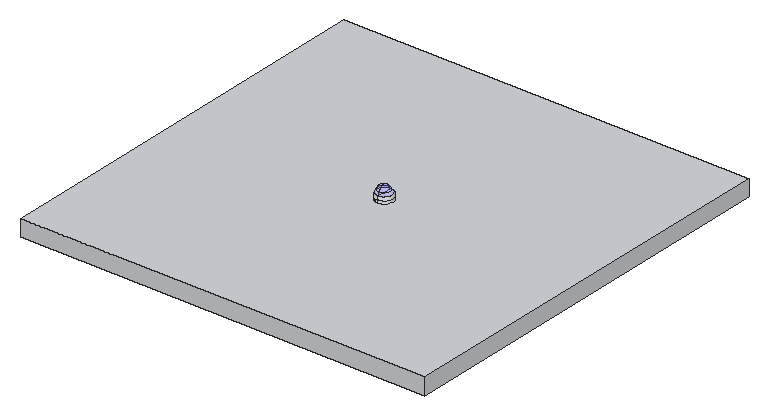
Revit family "BEG-92271", category Dispositifs d'éclairage, Revit 2015
Parameters
  Detection zone [instance] = yes
  Seat area [instance] = height position < 351 cm  # yes
  URL = "http://www.luxomat.com/en-92271"
  Type of output = "DIM (50 ballasts max)"
  Ambiant temperature = "-25°C to +50°C"
  Ref = "92271"
  Relay = "10A"
  height position [instance] = 250 cm
  direct Range [instance] = height position * 3.2  # 800 cm
  transversal Range [instance] = height position * 9.6  # 2400 cm
  Modèle = "PD4-M-DUO-DIM-SM"
  Installation type = "Ceiling"
  Brand = "LUXOMAT"
  Image du type = 92271.jpg
  IP = "54"
  Mounting height max = Installation height max  # 350 cm
  Installation height max = 350 cm
  Fabricant = "B.E.G"
  Label [instance] = yes
  Default Elevation = 0 cm
  Consumption = "0,45W"
  Commentaires du type = "Occupancy detector PD4-M-DUO-DIM-SM"
  Code d'assemblage = "D5010200"
  Class = "2"
  Switching power LED = "300W"
  Switching power Cos ɸ =1 = "2300W"
  Switching power Cos ɸ =0,5 = "1150VA"
  Power voltage = "110-240 V AC"
  seated activity [instance] = height position * 2.56  # 640 cm
Reference planes (cm)
  plane 1 "Centre (avant/arrière)": y = 0
  plane 2: z = 0
  plane 3 "Centre (gauche/droite)": x = 0
Forms (cm)
  Extrusion 1, solid
    sketch origin (0, 0, 0) x (1, 0, 0) y (0, 1, 0)
      loop
        line (-121.92, 121.92) -> (-121.92, -121.92) -> (121.92, -121.92) -> (121.92, 121.92) -> (-121.92, 121.92)
    from 0 to -10
Dimensions and locks (cm)
  aligned and locked: plane 2 to Extrusion 1
  aligned and locked: level to Extrusion 1
  aligned and locked: nested 2 to plane 2
Nested families (cm)
  nested 1: "Famille1" at (0, -72.6659, 0) x (-1, 0, 0) z (0, 0, 1), reference <- "Ref", modele <- "Modèle", visible <- "Label", type "Famille1"
    with reference "92271", modele "PD4-M-DUO-DIM-SM"
  nested 2: "M11" at (0, 0, 0), type "Standard"
  nested 3: "zone H" at (0, 0, 0) x (-1, 0, 0) z (0, 0, 1), visible <- "Detection zone", biais <- "transversal Range", frontal <- "direct Range", activité assise <- "seated activity", Zone assise <- "Seat area", type "zone H"
    with position 2 320 cm, position 1 960 cm, frontal 800 cm, biais 2400 cm, activité assise 640 cm, Zone assise yes
  nested 4: "Plafond 360° 2D" at (0, 0, 0), type "Plafond 360° 2D"
Connectors (cm)
  electrical at (0, 0, 0)
    settings: on nested 2, index 1, voltage 240 V, apparent load 0 VA, apparent load phase1 0 VA, apparent load phase2 0 VA, apparent load phase3 0 VA, power factor 1, load classification "Eclairage", number of poles 1, system type 31, power factor state 1, is connector primary yes, connector utility no, sub classification motor no, connector description ""
Definition of nested family "M11"
  Reference planes (cm)
    plane 1 "Centre (avant/arrière)": y = 0
    plane 2: z = 0
    plane 3 "Centre (gauche/droite)": x = 0
    plane 4: x = 0
  Forms (cm)
    Revolve 1, solid
      sketch origin (0, 0, 0) x (0, -1, 0) y (0, 0, 1)
        loop
          line (0, 0) -> (0, 3.3) -> (-4.725, 3.3) -> (-4.9, 1.3) -> (-5.05, 1.3) -> (-5.05, 0) -> (0, 0)
        axis (0, 0) -> (0, 3.3)
      angle from 0 to 360
    Revolve 2, solid
      sketch origin (0, 0, 0) x (0, -1, 0) y (0, 0, 1)
        loop
          line (-4.725, 3.3) -> (0, 3.3) -> (0, 7.6)
          arc (0, 7.6) -> (-2.3004, 6.854) -> (-3.7252, 4.9) r 3.9199
          line (-3.7252, 4.9) -> (-4.725, 3.3)
        axis (0, 3.3) -> (0, 7.6)
      angle from 0 to 360
  Lines and regions (cm)
    reference lines
      curve 1: line (0, 0, 0) -> (0, 5.05, 0)
      curve 2: line (0, 5.05, 0) -> (0, 5.05, 1.3)
      curve 3: line (0, 5.05, 1.3) -> (0, 4.9, 1.3)
      curve 4: line (0, 4.9, 1.3) -> (0, 4.725, 3.3)
      curve 5: line (0, 4.725, 3.3) -> (0, 0, 3.3)
      curve 6: line (0, 0, 3.3) -> (0, 0, 0)
      curve 7: line (0, 0, 0) -> (0, 0, 7.6)
      curve 8: line (0, 4.725, 3.3) -> (0, 0, 3.3)
      curve 9: line (0, 0, 7.6) -> (0, 0, 3.3)
      curve 10: arc (0, 0, 7.6) -> (0, 2.3004, 6.854) -> (0, 3.7252, 4.9) r 3.9199
      curve 11: line (0, 4.725, 3.3) -> (0, 3.7252, 4.9)
      curve 12: line (0, 0, 0) -> (0, 0, 7.6)
  Dimensions and locks (cm)
    aligned and locked: level to plane 2
    aligned and locked: Revolve 1 sketch curve to curve 1
    aligned and locked: Revolve 1 sketch curve to curve 2
    aligned and locked: Revolve 1 sketch curve to curve 3
    aligned and locked: Revolve 1 sketch curve to curve 4
    aligned and locked: Revolve 1 sketch curve to curve 5
    aligned and locked: Revolve 1 sketch curve to curve 6
    aligned and locked: Revolve 1 sketch curve to curve 7
    aligned and locked: Revolve 2 sketch curve to curve 8
    aligned and locked: Revolve 2 sketch curve to curve 9
    aligned and locked: Revolve 2 sketch curve to curve 10
    aligned and locked: Revolve 2 sketch curve to curve 11
    aligned and locked: Revolve 2 sketch curve to curve 12
Definition of nested family "Famille1"
  Parameters (values of type "Famille1")
    reference [instance] = ""
    modele [instance] = ""
  Reference planes (cm)
    plane 1: y = 0
    plane 2: x = 0
  Text (cm)
    label "reference\n\nmodele" at (0.0074, 0.0451, 0), shows "reference", "modele"
Definition of nested family "zone H"
  Parameters (values of type "zone H")
    position 2 [instance] = (frontal / 2) * 0.8  # 320 cm
    position 1 [instance] = (biais / 2) * 0.8  # 960 cm
    frontal [instance] = 800 cm
    biais [instance] = 2400 cm
    activité assise [instance] = 640 cm
    Zone assise [instance] = yes
  Reference planes (cm)
    plane 1 "Centre (avant/arrière)": y = 0
    plane 2: z = 0
    plane 3 "Centre (gauche/droite)": x = 0
    plane 4: x = -960
    plane 5: y = -320
  Lines and regions (cm)
    detail lines, in view "Niveau de réf.", visible <- "Zone assise"
      curve 1: circle (0, 0, 0) r 320 normal (0, 0, 1)
      curve 4: spline (-105.2767, 3.2118, 0) -> (-104.9106, 3.0586, 0) -> (-103.8375, 2.9158, 0) -> (-102.1303, 2.7932, 0) -> (-99.9055, 2.6991, 0) -> (-97.3146, 2.6399, 0) -> (-94.5343, 2.6198, 0) -> (-91.7539, 2.6399, 0) -> (-89.163, 2.6991, 0) -> (-86.9382, 2.7932, 0) -> (-85.231, 2.9158, 0) -> (-84.1579, 3.0586, 0) -> (-83.7918, 3.2118, 0) -> (-84.1579, 3.365, 0) -> (-85.231, 3.5078, 0) -> (-86.9382, 3.6305, 0) -> (-89.163, 3.7245, 0) -> (-91.7539, 3.7837, 0) -> (-94.5343, 3.8039, 0) -> (-97.3146, 3.7837, 0) -> (-99.9055, 3.7245, 0) -> (-102.1303, 3.6305, 0) -> (-103.8375, 3.5078, 0) -> (-104.9106, 3.365, 0) -> (-105.2767, 3.2118, 0)
      curve 5: line (-105.2767, 3.2118, 0) -> (-103.7271, 3.5181, 0)
      curve 6: arc (-102.6495, -16.5888, 0) -> (-107.2915, -17.186, 0) -> (-111.6311, -18.9388, 0) r 18.3388
      curve 7: arc (-111.6311, -18.9388, 0) -> (-111.6982, -19.0046, 0) -> (-111.7229, -19.0953, 0) r 0.1799
      curve 8: arc (-102.4571, -17.1805, 0) -> (-106.7473, -17.5804, 0) -> (-110.8538, -18.8852, 0) r 20.1051
      curve 9: arc (-110.8538, -18.8852, 0) -> (-111.0396, -18.979, 0) -> (-111.2122, -19.0953, 0) r 1.6679
      curve 10: circle (-111.4676, -19.8292, 0) r 0.5096 normal (0, 0, 1)
      curve 11: arc (-110.898, -19.8292, 0) -> (-111.4676, -19.2597, 0) -> (-112.0372, -19.8292, 0) r 0.5696
      curve 12: arc (-110.838, -19.8292, 0) -> (-111.4676, -19.1997, 0) -> (-112.0972, -19.8292, 0) r 0.6296
      curve 13: arc (-86.4191, -16.5888, 0) -> (-81.7771, -17.186, 0) -> (-77.4374, -18.9388, 0) r 18.3388
      curve 14: arc (-77.4374, -18.9388, 0) -> (-77.3704, -19.0046, 0) -> (-77.3456, -19.0953, 0) r 0.1799
      curve 15: arc (-86.6114, -17.1805, 0) -> (-82.3212, -17.5804, 0) -> (-78.2147, -18.8852, 0) r 20.1051
      curve 16: arc (-78.2147, -18.8852, 0) -> (-78.0289, -18.979, 0) -> (-77.8563, -19.0953, 0) r 1.6679
      curve 17: circle (-77.6009, -19.8292, 0) r 0.5096 normal (0, 0, 1)
      curve 18: arc (-77.0314, -19.8292, 0) -> (-77.6009, -19.2597, 0) -> (-78.1705, -19.8292, 0) r 0.5696
      curve 19: arc (-76.9714, -19.8292, 0) -> (-77.6009, -19.1997, 0) -> (-78.2305, -19.8292, 0) r 0.6296
      curve 20: arc (-95.2593, -16.5888, 0) -> (-98.9871, -17.441, 0) -> (-102.5056, -18.9388, 0) r 21.5424
      curve 21: arc (-102.5056, -18.9388, 0) -> (-102.5726, -19.0046, 0) -> (-102.5974, -19.0953, 0) r 0.1799
      curve 22: arc (-95.2593, -17.1805, 0) -> (-98.5536, -17.8061, 0) -> (-101.7283, -18.8852, 0) r 23.9713
      curve 23: arc (-101.7283, -18.8852, 0) -> (-101.911, -18.9772, 0) -> (-102.081, -19.0909, 0) r 1.6679
      curve 24: arc (-95.0229, -17.1805, 0) -> (-98.2689, -17.8294, 0) -> (-101.4063, -18.8852, 0) r 26.0219
      curve 25: arc (-101.4063, -18.8852, 0) -> (-101.592, -18.979, 0) -> (-101.7647, -19.0953, 0) r 1.6679
      curve 26: circle (-102.181, -19.8292, 0) r 0.5096 normal (0, 0, 1)
      curve 27: arc (-101.6114, -19.8292, 0) -> (-102.181, -19.2597, 0) -> (-102.7506, -19.8292, 0) r 0.5696
      curve 28: arc (-101.5514, -19.8292, 0) -> (-102.181, -19.1997, 0) -> (-102.8106, -19.8292, 0) r 0.6296
      curve 29: arc (-93.8092, -16.5888, 0) -> (-90.0814, -17.441, 0) -> (-86.5629, -18.9388, 0) r 21.5424
      curve 30: arc (-86.5629, -18.9388, 0) -> (-86.4959, -19.0046, 0) -> (-86.4711, -19.0953, 0) r 0.1799
      curve 31: arc (-93.8092, -17.1805, 0) -> (-90.5149, -17.8061, 0) -> (-87.3402, -18.8852, 0) r 23.9713
      curve 32: arc (-87.3402, -18.8852, 0) -> (-87.1544, -18.979, 0) -> (-86.9818, -19.0953, 0) r 1.6679
      curve 33: arc (-94.0457, -17.1805, 0) -> (-90.7996, -17.8294, 0) -> (-87.6622, -18.8852, 0) r 26.0219
      curve 34: arc (-87.6622, -18.8852, 0) -> (-87.4765, -18.979, 0) -> (-87.3039, -19.0953, 0) r 1.6679
      curve 35: circle (-86.8875, -19.8292, 0) r 0.5096 normal (0, 0, 1)
      curve 36: arc (-86.3179, -19.8292, 0) -> (-86.8875, -19.2597, 0) -> (-87.4571, -19.8292, 0) r 0.5696
      curve 37: arc (-86.2579, -19.8292, 0) -> (-86.8875, -19.1997, 0) -> (-87.5171, -19.8292, 0) r 0.6296
      curve 38: arc (-103.0079, 8.8705, 0) -> (-101.8776, 5.8173, 0) -> (-98.8653, 4.5819, 0) r 4.0512
      curve 39: arc (-83.7186, 4.2269, 0) -> (-82.9538, 3.7817, 0) -> (-82.7946, 2.9112, 0) r 1.0582
      curve 40: arc (-82.7946, 2.9112, 0) -> (-84.0889, -6.227, 0) -> (-84.0703, -15.4564, 0) r 64.7189
      curve 41: arc (-84.0703, -15.4564, 0) -> (-83.933, -16.0031, 0) -> (-83.4527, -16.2981, 0) r 0.7467
      curve 42: arc (-83.4527, -16.2981, 0) -> (-80.3714, -16.8717, 0) -> (-77.238, -16.9405, 0) r 19.3577
      curve 43: arc (-77.238, -16.9405, 0) -> (-77.6363, -16.4391, 0) -> (-78.2461, -16.244, 0) r 1.1013
      curve 44: arc (-78.2461, -16.244, 0) -> (-80.4274, -15.8096, 0) -> (-82.5587, -15.1742, 0) r 23.8747
      curve 45: arc (-82.5587, -15.1742, 0) -> (-81.6045, -6.5488, 0) -> (-80.848, 2.0961, 0) r 379.1961
      curve 46: arc (-80.848, 2.0961, 0) -> (-81.0708, 4.8418, 0) -> (-83.0581, 6.7494, 0) r 3.8846
      curve 47: arc (-83.0581, 6.7494, 0) -> (-89.2141, 8.8147, 0) -> (-95.6542, 9.6431, 0) r 33.2193
      curve 48: arc (-95.6542, 9.6431, 0) -> (-94.8516, 17.305, 0) -> (-94.8609, 25.0089, 0) r 72.9952
      curve 49: arc (-95.1116, 28.28, 0) -> (-95.2196, 29.2958, 0) -> (-95.3418, 30.31, 0) r 72.9952
      curve 50: arc (-98.1747, 30.0752, 0) -> (-100.3426, 29.2913, 0) -> (-99.4886, 27.1501, 0) r 1.6042
      curve 51: arc (-95.3418, 30.31, 0) -> (-98.7298, 32.2574, 0) -> (-102.1179, 30.31, 0) r 3.9209
      curve 52: arc (-68.8418, 20.3177, 0) -> (-68.8537, 20.2265, 0) -> (-68.9411, 20.2549, 0) r 0.0597
      curve 53: arc (-70.9776, 20.5408, 0) -> (-70.9496, 20.3832, 0) -> (-71.1082, 20.3621, 0) r 0.1108
      curve 54: spline (-98.8908, 41.6409, 0) -> (-97.9793, 41.5103, 0) -> (-97.1229, 41.0855, 0) -> (-96.38, 40.3954, 0) -> (-95.8012, 39.4871, 0) -> (-95.426, 38.4224, 0) -> (-95.2799, 37.274, 0) -> (-95.3728, 36.12, 0) -> (-95.6985, 35.0392, 0) -> (-96.2348, 34.1051, 0) -> (-96.945, 33.3815, 0) -> (-97.7809, 32.9176, 0) -> (-98.6854, 32.7451, 0) -> (-99.5969, 32.8757, 0) -> (-100.4532, 33.3005, 0) -> (-101.1961, 33.9906, 0) -> (-101.7749, 34.8989, 0) -> (-102.1502, 35.9636, 0) -> (-102.2963, 37.112, 0) -> (-102.2033, 38.266, 0) -> (-101.8776, 39.3468, 0) -> (-101.3414, 40.2809, 0) -> (-100.6311, 41.0045, 0) -> (-99.7953, 41.4684, 0) -> (-98.8908, 41.6409, 0)
      curve 55: line (-74.1608, -20.3388, 0) -> (-33.3759, -20.3388, 0)
      curve 56: line (-33.3759, -20.3388, 0) -> (-33.3759, 18.6681, 0)
      curve 57: line (-33.3759, 18.6681, 0) -> (-74.1608, 18.6681, 0)
      curve 58: line (-74.1608, 18.6681, 0) -> (-74.1608, -20.3388, 0)
      curve 59: line (-74.1608, -20.3388, 0) -> (-120.7181, -20.3388, 0)
      curve 60: line (-80.1025, 18.6681, 0) -> (-27.4342, 18.6681, 0)
      curve 61: line (-27.4342, 18.6681, 0) -> (-27.4342, 20.1345, 0)
      curve 62: line (-27.4342, 20.1345, 0) -> (-80.1025, 20.1345, 0)
      curve 63: line (-80.1025, 20.1345, 0) -> (-80.1025, 18.6681, 0)
      curve 64: line (-95.5223, 2.6198, 0) -> (-93.5462, 2.6198, 0)
      curve 65: line (-93.5462, 2.6198, 0) -> (-93.5462, -16.5888, 0)
      curve 66: line (-93.5462, -16.5888, 0) -> (-95.5223, -16.5888, 0)
      curve 67: line (-95.5223, -16.5888, 0) -> (-95.5223, 2.6198, 0)
      curve 68: line (-95.5223, -16.5888, 0) -> (-102.6495, -16.5888, 0)
      curve 69: line (-111.7229, -19.0953, 0) -> (-111.2122, -19.0953, 0)
      curve 70: line (-93.8092, -16.5888, 0) -> (-94.0457, -17.1805, 0)
      curve 71: line (-94.0457, -17.1805, 0) -> (-93.8092, -17.1805, 0)
      curve 72: line (-93.8092, -17.1805, 0) -> (-94.5343, -17.1805, 0)
      curve 73: line (-94.5343, -17.1805, 0) -> (-95.2593, -17.1805, 0)
      curve 74: line (-95.2593, -17.1805, 0) -> (-95.0229, -17.1805, 0)
      curve 75: line (-95.0229, -17.1805, 0) -> (-95.2593, -16.5888, 0)
      curve 76: line (-98.1226, -17.1805, 0) -> (-102.4571, -17.1805, 0)
      curve 77: line (-112.0372, -19.8292, 0) -> (-112.0972, -19.8292, 0)
      curve 78: line (-110.898, -19.8292, 0) -> (-110.838, -19.8292, 0)
      curve 79: line (-111.3676, -19.2076, 0) -> (-111.3676, -19.0953, 0)
      curve 80: line (-111.5676, -19.2076, 0) -> (-111.5676, -19.0953, 0)
      curve 81: line (-93.5462, -16.5888, 0) -> (-86.4191, -16.5888, 0)
      curve 82: line (-77.3456, -19.0953, 0) -> (-77.8563, -19.0953, 0)
      curve 83: line (-90.9459, -17.1805, 0) -> (-86.6114, -17.1805, 0)
      curve 84: line (-77.0314, -19.8292, 0) -> (-76.9714, -19.8292, 0)
      curve 85: line (-78.1705, -19.8292, 0) -> (-78.2305, -19.8292, 0)
      curve 86: line (-77.7009, -19.2076, 0) -> (-77.7009, -19.0953, 0)
      curve 87: line (-77.5009, -19.2076, 0) -> (-77.5009, -19.0953, 0)
      curve 88: line (-102.5974, -19.0953, 0) -> (-101.7647, -19.0953, 0)
      curve 89: line (-102.7506, -19.8292, 0) -> (-102.8106, -19.8292, 0)
      curve 90: line (-101.6114, -19.8292, 0) -> (-101.5514, -19.8292, 0)
      curve 91: line (-102.081, -19.2076, 0) -> (-102.081, -19.0909, 0)
      curve 92: line (-102.281, -19.2076, 0) -> (-102.281, -19.0953, 0)
      curve 93: line (-86.4711, -19.0953, 0) -> (-87.3039, -19.0953, 0)
      curve 94: line (-86.3179, -19.8292, 0) -> (-86.2579, -19.8292, 0)
      curve 95: line (-87.4571, -19.8292, 0) -> (-87.5171, -19.8292, 0)
      curve 96: line (-86.9875, -19.2076, 0) -> (-86.9875, -19.0953, 0)
      curve 97: line (-86.7875, -19.2076, 0) -> (-86.7875, -19.0953, 0)
      curve 98: line (-98.8653, 4.5819, 0) -> (-83.7186, 4.2269, 0)
      curve 99: line (-103.0079, 8.8705, 0) -> (-102.1179, 30.31, 0)
      curve 100: line (-98.1747, 30.0752, 0) -> (-85.3255, 22.5448, 0)
      curve 101: line (-85.3255, 22.5448, 0) -> (-74.2929, 21.667, 0)
      curve 102: line (-74.2929, 21.667, 0) -> (-71.6033, 21.7219, 0)
      curve 103: line (-71.6033, 21.7219, 0) -> (-69.7371, 21.2829, 0)
      curve 104: line (-69.7371, 21.2829, 0) -> (-68.8418, 20.3177, 0)
      curve 105: line (-68.9411, 20.2549, 0) -> (-69.7808, 21.0896, 0)
      curve 106: line (-69.7808, 21.0896, 0) -> (-71.6115, 21.2989, 0)
      curve 107: line (-71.6115, 21.2989, 0) -> (-72.0159, 21.0248, 0)
      curve 108: line (-72.0159, 21.0248, 0) -> (-70.9776, 20.5408, 0)
      curve 109: line (-71.1082, 20.3621, 0) -> (-72.6656, 20.8949, 0)
      curve 110: line (-72.6656, 20.8949, 0) -> (-74.496, 20.6558, 0)
      curve 111: line (-74.496, 20.6558, 0) -> (-86.0144, 20.9158, 0)
      curve 112: line (-86.0144, 20.9158, 0) -> (-99.4886, 27.1501, 0)
      curve 113: line (-99.8644, 32.9741, 0) -> (-99.9944, 32.0479, 0)
      curve 114: line (-97.5142, 33.0301, 0) -> (-97.3718, 32.0147, 0)
      curve 115: line (-33.3759, -20.3388, 0) -> (-21.8014, -20.3388, 0)
    detail lines, in view "Niveau de réf."
      curve 2: circle (0, 0, 0) r 400 normal (0, 0, 1)
      curve 3: circle (0, 0, 0) r 1200 normal (0, 0, 1)
      curve 116: spline (2.3068, -347.7265, 0) -> (4.0856, -347.3949, 0) -> (5.7432, -346.4226, 0) -> (7.1667, -344.876, 0) -> (8.2589, -342.8603, 0) -> (8.9455, -340.5131, 0) -> (9.1797, -337.9942, 0) -> (8.9455, -335.4753, 0) -> (8.2589, -333.1281, 0) -> (7.1667, -331.1125, 0) -> (5.7432, -329.5658, 0) -> (4.0856, -328.5936, 0) -> (2.3068, -328.262, 0) -> (0.5279, -328.5936, 0) -> (-1.1297, -329.5658, 0) -> (-2.5531, -331.1125, 0) -> (-3.6453, -333.1281, 0) -> (-4.3319, -335.4753, 0) -> (-4.5661, -337.9942, 0) -> (-4.3319, -340.5131, 0) -> (-3.6453, -342.8603, 0) -> (-2.5531, -344.876, 0) -> (-1.1297, -346.4226, 0) -> (0.5279, -347.3949, 0) -> (2.3068, -347.7265, 0)
      curve 117: line (-4.7649, -335.0929, 0) -> (0.5136, -347.9212, 0)
      curve 118: line (3.5648, -348.0775, 0) -> (9.2455, -334.5266, 0)
      curve 119: line (-0.3759, -328.4588, 0) -> (-3.0011, -330.8806, 0)
      curve 120: line (3.5053, -348.5045, 0) -> (6.62, -348.3756, 0)
      curve 121: line (1.7304, -348.3525, 0) -> (3.5053, -348.5045, 0)
      curve 122: line (-4.7649, -335.0929, 0) -> (0.5136, -347.9212, 0)
      curve 123: line (-21.1936, -335.3894, 0) -> (-24.4202, -337.3623, 0)
      curve 124: line (-21.1936, -335.3894, 0) -> (-24.4202, -337.3623, 0)
      curve 125: line (-0.3759, -328.4588, 0) -> (-3.0011, -330.8806, 0)
      curve 126: line (1.7304, -348.3525, 0) -> (6.62, -348.3756, 0)
      curve 127: line (3.5648, -348.0775, 0) -> (9.2455, -334.5266, 0)
      curve 128: line (0, -320, 0) -> (0, -289.0788, 0)
      curve 129: line (0, -289.0788, 0) -> (0, -280.7814, 0)
      curve 130: spline (-957.6932, -27.7265, 0) -> (-955.9144, -27.3949, 0) -> (-954.2568, -26.4226, 0) -> (-952.8333, -24.876, 0) -> (-951.7411, -22.8603, 0) -> (-951.0545, -20.5131, 0) -> (-950.8203, -17.9942, 0) -> (-951.0545, -15.4753, 0) -> (-951.7411, -13.1281, 0) -> (-952.8333, -11.1125, 0) -> (-954.2568, -9.5658, 0) -> (-955.9144, -8.5936, 0) -> (-957.6932, -8.262, 0) -> (-959.4721, -8.5936, 0) -> (-961.1297, -9.5658, 0) -> (-962.5531, -11.1125, 0) -> (-963.6453, -13.1281, 0) -> (-964.3319, -15.4753, 0) -> (-964.5661, -17.9942, 0) -> (-964.3319, -20.5131, 0) -> (-963.6453, -22.8603, 0) -> (-962.5531, -24.876, 0) -> (-961.1297, -26.4226, 0) -> (-959.4721, -27.3949, 0) -> (-957.6932, -27.7265, 0)
      curve 131: line (-964.7649, -15.0929, 0) -> (-959.4864, -27.9212, 0)
      curve 132: line (-956.4352, -28.0775, 0) -> (-950.7545, -14.5266, 0)
      curve 133: line (-960.3759, -8.4588, 0) -> (-963.0011, -10.8806, 0)
      curve 134: line (-956.4947, -28.5045, 0) -> (-953.38, -28.3756, 0)
      curve 135: line (-958.2696, -28.3525, 0) -> (-956.4947, -28.5045, 0)
      curve 136: line (-964.7649, -15.0929, 0) -> (-959.4864, -27.9212, 0)
      curve 137: line (-981.1936, -15.3894, 0) -> (-984.4202, -17.3623, 0)
      curve 138: line (-981.1936, -15.3894, 0) -> (-984.4202, -17.3623, 0)
      curve 139: line (-960.3759, -8.4588, 0) -> (-963.0011, -10.8806, 0)
      curve 140: line (-958.2696, -28.3525, 0) -> (-953.38, -28.3756, 0)
      curve 141: line (-956.4352, -28.0775, 0) -> (-950.7545, -14.5266, 0)
      curve 142: line (-960, 0, 0) -> (-960, 30.9212, 0)
      curve 143: line (-960, 30.9212, 0) -> (-960, 39.2186, 0)
    detail lines, in view "Niveau de réf.", visible <- "Zone assise", not visible
      curve 144: spline (925.976, -22.5654, 0) -> (926.342, -22.7186, 0) -> (927.4152, -22.8614, 0) -> (929.1224, -22.984, 0) -> (931.3472, -23.0781, 0) -> (933.938, -23.1373, 0) -> (936.7184, -23.1574, 0) -> (939.4987, -23.1373, 0) -> (942.0896, -23.0781, 0) -> (944.3144, -22.984, 0) -> (946.0216, -22.8614, 0) -> (947.0948, -22.7186, 0) -> (947.4608, -22.5654, 0) -> (947.0948, -22.4122, 0) -> (946.0216, -22.2694, 0) -> (944.3144, -22.1467, 0) -> (942.0896, -22.0527, 0) -> (939.4987, -21.9935, 0) -> (936.7184, -21.9733, 0) -> (933.938, -21.9935, 0) -> (931.3472, -22.0527, 0) -> (929.1224, -22.1467, 0) -> (927.4152, -22.2694, 0) -> (926.342, -22.4122, 0) -> (925.976, -22.5654, 0)
      curve 145: line (925.976, -22.5654, 0) -> (927.5256, -22.2591, 0)
      curve 146: arc (928.6032, -42.366, 0) -> (923.9612, -42.9632, 0) -> (919.6215, -44.716, 0) r 18.3388
      curve 147: arc (919.6215, -44.716, 0) -> (919.5545, -44.7818, 0) -> (919.5297, -44.8725, 0) r 0.1799
      curve 148: arc (928.7956, -42.9577, 0) -> (924.5053, -43.3576, 0) -> (920.3988, -44.6624, 0) r 20.1051
      curve 149: arc (920.3988, -44.6624, 0) -> (920.213, -44.7562, 0) -> (920.0404, -44.8725, 0) r 1.6679
      curve 150: circle (919.7851, -45.6065, 0) r 0.5096 normal (0, 0, 1)
      curve 151: arc (920.3547, -45.6065, 0) -> (919.7851, -45.0369, 0) -> (919.2155, -45.6065, 0) r 0.5696
      curve 152: arc (920.4147, -45.6065, 0) -> (919.7851, -44.9769, 0) -> (919.1555, -45.6065, 0) r 0.6296
      curve 153: arc (944.8336, -42.366, 0) -> (949.4756, -42.9632, 0) -> (953.8152, -44.716, 0) r 18.3388
      curve 154: arc (953.8152, -44.716, 0) -> (953.8823, -44.7818, 0) -> (953.907, -44.8725, 0) r 0.1799
      curve 155: arc (944.6412, -42.9577, 0) -> (948.9315, -43.3576, 0) -> (953.038, -44.6624, 0) r 20.1051
      curve 156: arc (953.038, -44.6624, 0) -> (953.2237, -44.7562, 0) -> (953.3964, -44.8725, 0) r 1.6679
      curve 157: circle (953.6517, -45.6065, 0) r 0.5096 normal (0, 0, 1)
      curve 158: arc (954.2213, -45.6065, 0) -> (953.6517, -45.0369, 0) -> (953.0821, -45.6065, 0) r 0.5696
      curve 159: arc (954.2813, -45.6065, 0) -> (953.6517, -44.9769, 0) -> (953.0221, -45.6065, 0) r 0.6296
      curve 160: arc (935.9933, -42.366, 0) -> (932.2655, -43.2182, 0) -> (928.7471, -44.716, 0) r 21.5424
      curve 161: arc (928.7471, -44.716, 0) -> (928.68, -44.7818, 0) -> (928.6553, -44.8725, 0) r 0.1799
      curve 162: arc (935.9933, -42.9577, 0) -> (932.6991, -43.5833, 0) -> (929.5243, -44.6624, 0) r 23.9713
      curve 163: arc (929.5243, -44.6624, 0) -> (929.3417, -44.7544, 0) -> (929.1716, -44.8681, 0) r 1.6679
      curve 164: arc (936.2298, -42.9577, 0) -> (932.9838, -43.6066, 0) -> (929.8464, -44.6624, 0) r 26.0219
      curve 165: arc (929.8464, -44.6624, 0) -> (929.6606, -44.7562, 0) -> (929.488, -44.8725, 0) r 1.6679
      curve 166: circle (929.0716, -45.6065, 0) r 0.5096 normal (0, 0, 1)
      curve 167: arc (929.6412, -45.6065, 0) -> (929.0716, -45.0369, 0) -> (928.502, -45.6065, 0) r 0.5696
      curve 168: arc (929.7012, -45.6065, 0) -> (929.0716, -44.9769, 0) -> (928.442, -45.6065, 0) r 0.6296
      curve 169: arc (937.4435, -42.366, 0) -> (941.1713, -43.2182, 0) -> (944.6897, -44.716, 0) r 21.5424
      curve 170: arc (944.6897, -44.716, 0) -> (944.7568, -44.7818, 0) -> (944.7815, -44.8725, 0) r 0.1799
      curve 171: arc (937.4435, -42.9577, 0) -> (940.7377, -43.5833, 0) -> (943.9124, -44.6624, 0) r 23.9713
      curve 172: arc (943.9124, -44.6624, 0) -> (944.0982, -44.7562, 0) -> (944.2708, -44.8725, 0) r 1.6679
      curve 173: arc (937.207, -42.9577, 0) -> (940.453, -43.6066, 0) -> (943.5904, -44.6624, 0) r 26.0219
      curve 174: arc (943.5904, -44.6624, 0) -> (943.7762, -44.7562, 0) -> (943.9488, -44.8725, 0) r 1.6679
      curve 175: circle (944.3651, -45.6065, 0) r 0.5096 normal (0, 0, 1)
      curve 176: arc (944.9347, -45.6065, 0) -> (944.3651, -45.0369, 0) -> (943.7956, -45.6065, 0) r 0.5696
      curve 177: arc (944.9947, -45.6065, 0) -> (944.3651, -44.9769, 0) -> (943.7356, -45.6065, 0) r 0.6296
      curve 178: arc (928.2447, -16.9067, 0) -> (929.3751, -19.9599, 0) -> (932.3873, -21.1953, 0) r 4.0512
      curve 179: arc (947.5341, -21.5503, 0) -> (948.2989, -21.9955, 0) -> (948.4581, -22.866, 0) r 1.0582
      curve 180: arc (948.4581, -22.866, 0) -> (947.1637, -32.0042, 0) -> (947.1824, -41.2336, 0) r 64.7189
      curve 181: arc (947.1824, -41.2336, 0) -> (947.3196, -41.7803, 0) -> (947.8, -42.0753, 0) r 0.7467
      curve 182: arc (947.8, -42.0753, 0) -> (950.8812, -42.6489, 0) -> (954.0146, -42.7177, 0) r 19.3577
      curve 183: arc (954.0146, -42.7177, 0) -> (953.6164, -42.2163, 0) -> (953.0065, -42.0212, 0) r 1.1013
      curve 184: arc (953.0065, -42.0212, 0) -> (950.8253, -41.5868, 0) -> (948.6939, -40.9514, 0) r 23.8747
      curve 185: arc (948.6939, -40.9514, 0) -> (949.6481, -32.326, 0) -> (950.4047, -23.6811, 0) r 379.1961
      curve 186: arc (950.4047, -23.6811, 0) -> (950.1819, -20.9354, 0) -> (948.1945, -19.0278, 0) r 3.8846
      curve 187: arc (948.1945, -19.0278, 0) -> (942.0386, -16.9625, 0) -> (935.5985, -16.1341, 0) r 33.2193
      curve 188: arc (935.5985, -16.1341, 0) -> (936.4011, -8.4722, 0) -> (936.3918, -0.7683, 0) r 72.9952
      curve 189: arc (936.1411, 2.5028, 0) -> (936.0331, 3.5186, 0) -> (935.9108, 4.5328, 0) r 72.9952
      curve 190: arc (933.0779, 4.298, 0) -> (930.9101, 3.5141, 0) -> (931.7641, 1.3729, 0) r 1.6042
      curve 191: arc (935.9108, 4.5328, 0) -> (932.5228, 6.4802, 0) -> (929.1348, 4.5328, 0) r 3.9209
      curve 192: arc (962.4108, -5.4595, 0) -> (962.3989, -5.5507, 0) -> (962.3115, -5.5223, 0) r 0.0597
      curve 193: arc (960.275, -5.2364, 0) -> (960.303, -5.394, 0) -> (960.1444, -5.4151, 0) r 0.1108
      curve 194: spline (932.3619, 15.8637, 0) -> (933.2734, 15.7331, 0) -> (934.1297, 15.3083, 0) -> (934.8726, 14.6182, 0) -> (935.4514, 13.7099, 0) -> (935.8267, 12.6452, 0) -> (935.9728, 11.4968, 0) -> (935.8798, 10.3428, 0) -> (935.5541, 9.262, 0) -> (935.0179, 8.3279, 0) -> (934.3076, 7.6043, 0) -> (933.4718, 7.1404, 0) -> (932.5673, 6.9679, 0) -> (931.6558, 7.0985, 0) -> (930.7994, 7.5233, 0) -> (930.0565, 8.2134, 0) -> (929.4777, 9.1217, 0) -> (929.1025, 10.1864, 0) -> (928.9564, 11.3348, 0) -> (929.0493, 12.4888, 0) -> (929.375, 13.5696, 0) -> (929.9113, 14.5037, 0) -> (930.6215, 15.2273, 0) -> (931.4574, 15.6912, 0) -> (932.3619, 15.8637, 0)
      curve 195: line (957.0918, -46.116, 0) -> (997.8768, -46.116, 0)
      curve 196: line (997.8768, -46.116, 0) -> (997.8768, -7.1091, 0)
      curve 197: line (997.8768, -7.1091, 0) -> (957.0918, -7.1091, 0)
      curve 198: line (957.0918, -7.1091, 0) -> (957.0918, -46.116, 0)
      curve 199: line (957.0918, -46.116, 0) -> (910.5345, -46.116, 0)
      curve 200: line (951.1501, -7.1091, 0) -> (1003.8185, -7.1091, 0)
      curve 201: line (1003.8185, -7.1091, 0) -> (1003.8185, -5.6427, 0)
      curve 202: line (1003.8185, -5.6427, 0) -> (951.1501, -5.6427, 0)
      curve 203: line (951.1501, -5.6427, 0) -> (951.1501, -7.1091, 0)
      curve 204: line (935.7304, -23.1574, 0) -> (937.7064, -23.1574, 0)
      curve 205: line (937.7064, -23.1574, 0) -> (937.7064, -42.366, 0)
      curve 206: line (937.7064, -42.366, 0) -> (935.7304, -42.366, 0)
      curve 207: line (935.7304, -42.366, 0) -> (935.7304, -23.1574, 0)
      curve 208: line (935.7304, -42.366, 0) -> (928.6032, -42.366, 0)
      curve 209: line (919.5297, -44.8725, 0) -> (920.0404, -44.8725, 0)
      curve 210: line (937.4435, -42.366, 0) -> (937.207, -42.9577, 0)
      curve 211: line (937.207, -42.9577, 0) -> (937.4435, -42.9577, 0)
      curve 212: line (937.4435, -42.9577, 0) -> (936.7184, -42.9577, 0)
      curve 213: line (936.7184, -42.9577, 0) -> (935.9933, -42.9577, 0)
      curve 214: line (935.9933, -42.9577, 0) -> (936.2298, -42.9577, 0)
      curve 215: line (936.2298, -42.9577, 0) -> (935.9933, -42.366, 0)
      curve 216: line (933.13, -42.9577, 0) -> (928.7956, -42.9577, 0)
      curve 217: line (919.2155, -45.6065, 0) -> (919.1555, -45.6065, 0)
      curve 218: line (920.3547, -45.6065, 0) -> (920.4147, -45.6065, 0)
      curve 219: line (919.8851, -44.9848, 0) -> (919.8851, -44.8725, 0)
      curve 220: line (919.6851, -44.9848, 0) -> (919.6851, -44.8725, 0)
      curve 221: line (937.7064, -42.366, 0) -> (944.8336, -42.366, 0)
      curve 222: line (953.907, -44.8725, 0) -> (953.3964, -44.8725, 0)
      curve 223: line (940.3068, -42.9577, 0) -> (944.6412, -42.9577, 0)
      curve 224: line (954.2213, -45.6065, 0) -> (954.2813, -45.6065, 0)
      curve 225: line (953.0821, -45.6065, 0) -> (953.0221, -45.6065, 0)
      curve 226: line (953.5517, -44.9848, 0) -> (953.5517, -44.8725, 0)
      curve 227: line (953.7517, -44.9848, 0) -> (953.7517, -44.8725, 0)
      curve 228: line (928.6553, -44.8725, 0) -> (929.488, -44.8725, 0)
      curve 229: line (928.502, -45.6065, 0) -> (928.442, -45.6065, 0)
      curve 230: line (929.6412, -45.6065, 0) -> (929.7012, -45.6065, 0)
      curve 231: line (929.1716, -44.9848, 0) -> (929.1716, -44.8681, 0)
      curve 232: line (928.9716, -44.9848, 0) -> (928.9716, -44.8725, 0)
      curve 233: line (944.7815, -44.8725, 0) -> (943.9488, -44.8725, 0)
      curve 234: line (944.9347, -45.6065, 0) -> (944.9947, -45.6065, 0)
      curve 235: line (943.7956, -45.6065, 0) -> (943.7356, -45.6065, 0)
      curve 236: line (944.2651, -44.9848, 0) -> (944.2651, -44.8725, 0)
      curve 237: line (944.4651, -44.9848, 0) -> (944.4651, -44.8725, 0)
      curve 238: line (932.3873, -21.1953, 0) -> (947.5341, -21.5503, 0)
      curve 239: line (928.2447, -16.9067, 0) -> (929.1348, 4.5328, 0)
      curve 240: line (933.0779, 4.298, 0) -> (945.9271, -3.2324, 0)
      curve 241: line (945.9271, -3.2324, 0) -> (956.9598, -4.1102, 0)
      curve 242: line (956.9598, -4.1102, 0) -> (959.6493, -4.0553, 0)
      curve 243: line (959.6493, -4.0553, 0) -> (961.5155, -4.4943, 0)
      curve 244: line (961.5155, -4.4943, 0) -> (962.4108, -5.4595, 0)
      curve 245: line (962.3115, -5.5223, 0) -> (961.4719, -4.6876, 0)
      curve 246: line (961.4719, -4.6876, 0) -> (959.6412, -4.4783, 0)
      curve 247: line (959.6412, -4.4783, 0) -> (959.2367, -4.7524, 0)
      curve 248: line (959.2367, -4.7524, 0) -> (960.275, -5.2364, 0)
      curve 249: line (960.1444, -5.4151, 0) -> (958.5871, -4.8823, 0)
      curve 250: line (958.5871, -4.8823, 0) -> (956.7566, -5.1214, 0)
      curve 251: line (956.7566, -5.1214, 0) -> (945.2383, -4.8614, 0)
      curve 252: line (945.2383, -4.8614, 0) -> (931.7641, 1.3729, 0)
      curve 253: line (931.3882, 7.1969, 0) -> (931.2583, 6.2707, 0)
      curve 254: line (933.7384, 7.2529, 0) -> (933.8809, 6.2375, 0)
      curve 255: line (997.8768, -46.116, 0) -> (1009.4512, -46.116, 0)
    detail lines, in view "Niveau de réf.", not visible
      curve 256: spline (630.3724, -48.277, 0) -> (632.1512, -47.9453, 0) -> (633.8088, -46.9731, 0) -> (635.2323, -45.4264, 0) -> (636.3245, -43.4108, 0) -> (637.0111, -41.0636, 0) -> (637.2453, -38.5447, 0) -> (637.0111, -36.0258, 0) -> (636.3245, -33.6786, 0) -> (635.2323, -31.663, 0) -> (633.8088, -30.1163, 0) -> (632.1512, -29.1441, 0) -> (630.3724, -28.8124, 0) -> (628.5935, -29.1441, 0) -> (626.9359, -30.1163, 0) -> (625.5125, -31.663, 0) -> (624.4202, -33.6786, 0) -> (623.7336, -36.0258, 0) -> (623.4995, -38.5447, 0) -> (623.7336, -41.0636, 0) -> (624.4202, -43.4108, 0) -> (625.5125, -45.4264, 0) -> (626.9359, -46.9731, 0) -> (628.5935, -47.9453, 0) -> (630.3724, -48.277, 0)
      curve 257: line (623.3007, -35.6434, 0) -> (628.5792, -48.4717, 0)
      curve 258: line (631.6303, -48.628, 0) -> (637.311, -35.0771, 0)
      curve 259: line (627.6897, -29.0093, 0) -> (625.0645, -31.4311, 0)
      curve 260: line (631.5709, -49.055, 0) -> (634.6856, -48.9261, 0)
      curve 261: line (629.7959, -48.903, 0) -> (631.5709, -49.055, 0)
      curve 262: line (623.3007, -35.6434, 0) -> (628.5792, -48.4717, 0)
      curve 263: line (606.872, -35.9399, 0) -> (603.6454, -37.9127, 0)
      curve 264: line (606.872, -35.9399, 0) -> (603.6454, -37.9127, 0)
      curve 265: line (627.6897, -29.0093, 0) -> (625.0645, -31.4311, 0)
      curve 266: line (629.7959, -48.903, 0) -> (634.6856, -48.9261, 0)
      curve 267: line (631.6303, -48.628, 0) -> (637.311, -35.0771, 0)
      curve 268: line (628.0656, -20.5505, 0) -> (628.0656, 10.3707, 0)
      curve 269: line (628.0656, 10.3707, 0) -> (628.0656, 18.6681, 0)
      curve 270: spline (1030.3724, -260.777, 0) -> (1032.1512, -260.4453, 0) -> (1033.8088, -259.4731, 0) -> (1035.2323, -257.9264, 0) -> (1036.3245, -255.9108, 0) -> (1037.0111, -253.5636, 0) -> (1037.2453, -251.0447, 0) -> (1037.0111, -248.5258, 0) -> (1036.3245, -246.1786, 0) -> (1035.2323, -244.163, 0) -> (1033.8088, -242.6163, 0) -> (1032.1512, -241.6441, 0) -> (1030.3724, -241.3124, 0) -> (1028.5935, -241.6441, 0) -> (1026.9359, -242.6163, 0) -> (1025.5125, -244.163, 0) -> (1024.4202, -246.1786, 0) -> (1023.7336, -248.5258, 0) -> (1023.4995, -251.0447, 0) -> (1023.7336, -253.5636, 0) -> (1024.4202, -255.9108, 0) -> (1025.5125, -257.9264, 0) -> (1026.9359, -259.4731, 0) -> (1028.5935, -260.4453, 0) -> (1030.3724, -260.777, 0)
      curve 271: line (1023.3007, -248.1434, 0) -> (1028.5792, -260.9717, 0)
      curve 272: line (1031.6303, -261.128, 0) -> (1037.311, -247.5771, 0)
      curve 273: line (1027.6897, -241.5093, 0) -> (1025.0645, -243.9311, 0)
      curve 274: line (1031.5709, -261.555, 0) -> (1034.6856, -261.4261, 0)
      curve 275: line (1029.7959, -261.403, 0) -> (1031.5709, -261.555, 0)
      curve 276: line (1023.3007, -248.1434, 0) -> (1028.5792, -260.9717, 0)
      curve 277: line (1006.872, -248.4399, 0) -> (1003.6454, -250.4127, 0)
      curve 278: line (1006.872, -248.4399, 0) -> (1003.6454, -250.4127, 0)
      curve 279: line (1027.6897, -241.5093, 0) -> (1025.0645, -243.9311, 0)
      curve 280: line (1029.7959, -261.403, 0) -> (1034.6856, -261.4261, 0)
      curve 281: line (1031.6303, -261.128, 0) -> (1037.311, -247.5771, 0)
      curve 282: line (1028.0656, -233.0505, 0) -> (1028.0656, -202.1293, 0)
      curve 283: line (1028.0656, -202.1293, 0) -> (1028.0656, -193.8319, 0)
  Text (cm)
    text "2" at (0.4332, -361.3743, 0), in view "Niveau de réf."
    text "1" at (-959.5668, -41.3743, 0), in view "Niveau de réf."
    text "1" at (628.4988, -61.9248, 0), in view "Niveau de réf.", not visible
    text "2" at (1028.4988, -274.4248, 0), in view "Niveau de réf.", not visible
  Dimensions and locks (cm)
    "position 1": plane 4 to plane 3 "Centre (gauche/droite)"
    "position 2": plane 5 to plane 1 "Centre (avant/arrière)"
    "activité assise": diameter of curve 1
    "biais": diameter of curve 3
    "frontal": diameter of curve 2
    aligned and locked: curve 142 to plane 1 "Centre (avant/arrière)"
    aligned and locked: curve 128 to plane 3 "Centre (gauche/droite)"
    aligned and locked: plane 4 to curve 142
    aligned and locked: plane 5 to curve 128
  Automatic sketch dimensions
    curve 1 to curve 2 = 0 cm  (x2)
    curve 1 to curve 3 = 0 cm  (x2)
    curve 2 to curve 3 = 0 cm  (x2)
    plane 1 "Centre (avant/arrière)" to curve 2 = 0 cm
    curve 2 to plane 3 "Centre (gauche/droite)" = 0 cm
Definition of nested family "Plafond 360° 2D"
  Reference planes (cm)
    plane 1: y = 0
    plane 2: x = 0
  Lines and regions (cm)
    Filled region 1, type "rouge"
      outline origin (0, 0, 0) x (1, 0, 0) y (0, 1, 0)
        loop
          circle (0, 0) r 0.0294
    detail lines
      curve 1: arc (-0.1732, 0.1, 0) -> (-0.2, 0, 0) -> (-0.1732, -0.1, 0) r 0.2
      curve 2: arc (-0.1, -0.1732, 0) -> (0, -0.2, 0) -> (0.1, -0.1732, 0) r 0.2
      curve 3: arc (0.1732, -0.1, 0) -> (0.2, 0, 0) -> (0.1732, 0.1, 0) r 0.2
      curve 4: arc (0.1, 0.1732, 0) -> (0, 0.2, 0) -> (-0.1, 0.1732, 0) r 0.2
      curve 5: arc (-0.1375, 0.0794, 0) -> (-0.1588, 0, 0) -> (-0.1375, -0.0794, 0) r 0.1588
      curve 6: arc (-0.0794, -0.1375, 0) -> (0, -0.1588, 0) -> (0.0794, -0.1375, 0) r 0.1588
      curve 7: arc (0.1375, -0.0794, 0) -> (0.1588, 0, 0) -> (0.1375, 0.0794, 0) r 0.1588
      curve 8: arc (0.0794, 0.1375, 0) -> (0, 0.1588, 0) -> (-0.0794, 0.1375, 0) r 0.1588
      curve 9: arc (-0.1019, 0.0588, 0) -> (-0.1176, 0, 0) -> (-0.1019, -0.0588, 0) r 0.1176
      curve 10: arc (-0.0588, -0.1019, 0) -> (0, -0.1176, 0) -> (0.0588, -0.1019, 0) r 0.1176
      curve 11: arc (0.1019, -0.0588, 0) -> (0.1176, 0, 0) -> (0.1019, 0.0588, 0) r 0.1176
      curve 12: arc (0.0588, 0.1019, 0) -> (0, 0.1176, 0) -> (-0.0588, 0.1019, 0) r 0.1176
      curve 13: arc (-0.0294, 0, 0) -> (0, -0.0294, 0) -> (0.0294, 0, 0) r 0.0294
      curve 14: arc (0.0294, 0, 0) -> (0, 0.0294, 0) -> (-0.0294, 0, 0) r 0.0294
